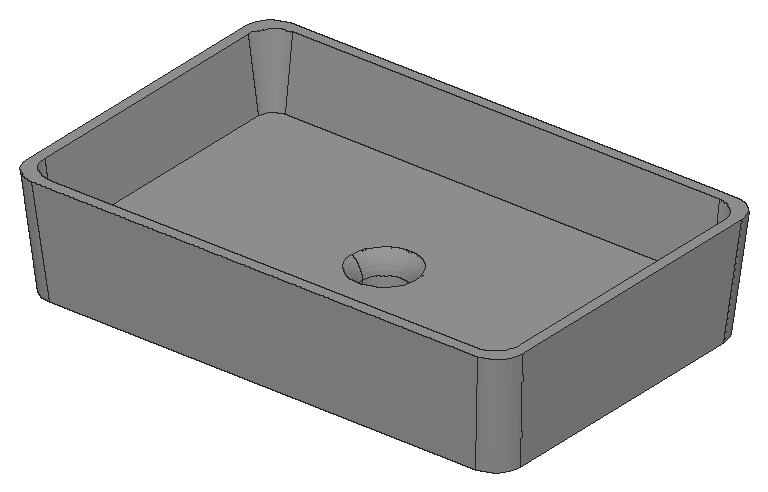
Revit family "L.SORRENTO NEGRO SANDSTONE", category Plumbing Fixtures, Revit 2014
Reference planes
  plane 1 "Center (Front/Back)": y = 0
  plane 2: z = 0
  plane 3 "Center (Left/Right)": x = 0
Forms (mm)
  Blend 1, solid
    base sketch origin (0, 0, 0) x (1, 0, 0) y (0, 1, 0)
      loop
        arc (10, 35) -> (17.322, 17.322) -> (35, 10) r 25
        line (35, 10) -> (465, 10)
        arc (465, 10) -> (482.678, 17.322) -> (490, 35) r 25
        line (490, 35) -> (490, 291)
        arc (490, 291) -> (482.678, 308.678) -> (465, 316) r 25
        line (465, 316) -> (35, 316)
        arc (35, 316) -> (17.322, 308.678) -> (10, 291) r 25
        line (10, 291) -> (10, 35)
    top sketch origin (0, 0, 0) x (1, 0, 0) y (0, 1, 0)
      loop
        arc (25, 326) -> (7.322, 318.678) -> (0, 301) r 25
        line (0, 301) -> (0, 25)
        arc (0, 25) -> (7.322, 7.322) -> (25, 0) r 25
        line (25, 0) -> (475, 0)
        arc (475, 0) -> (492.678, 7.322) -> (500, 25) r 25
        line (500, 25) -> (500, 301)
        arc (500, 301) -> (492.678, 318.678) -> (475, 326) r 25
        line (475, 326) -> (25, 326)
    from 0 to 110
  Blend 2, void
    base sketch origin (0, 0, 0) x (1, 0, 0) y (0, 1, 0)
      loop
        line (20, 291) -> (20, 35)
        arc (20, 35) -> (24.393, 24.393) -> (35, 20) r 15
        line (35, 20) -> (465, 20)
        arc (465, 20) -> (475.607, 24.393) -> (480, 35) r 15
        line (480, 35) -> (480, 291)
        arc (480, 291) -> (475.607, 301.607) -> (465, 306) r 15
        line (465, 306) -> (35, 306)
        arc (35, 306) -> (24.393, 301.607) -> (20, 291) r 15
    top sketch origin (0, 0, 0) x (1, 0, 0) y (0, 1, 0)
      loop
        arc (465, 10) -> (482.678, 17.322) -> (490, 35) r 25
        line (490, 35) -> (490, 291)
        arc (490, 291) -> (482.678, 308.678) -> (465, 316) r 25
        line (465, 316) -> (35, 316)
        arc (35, 316) -> (17.322, 308.678) -> (10, 291) r 25
        line (10, 291) -> (10, 35)
        arc (10, 35) -> (17.322, 17.322) -> (35, 10) r 25
        line (35, 10) -> (465, 10)
    from 40 to 110
  Revolve 3, void
    sketch origin (0, 163, 0) x (1, 0, 0) y (0, 0, 1)
      loop
        line (250, 0) -> (272.5, 0) -> (272.5, 20)
        arc (272.5, 20) -> (275.187, 31.218) -> (282.666, 40) r 24.756
        line (282.666, 40) -> (250, 40) -> (250, 0)
      axis (250, 0) -> (250, 40)
    angle from 0 to 360
Cuts and joins
  Blend 2, Revolve 3 cuts Blend 1
Dimensions and locks
  aligned and locked: level to plane 2
